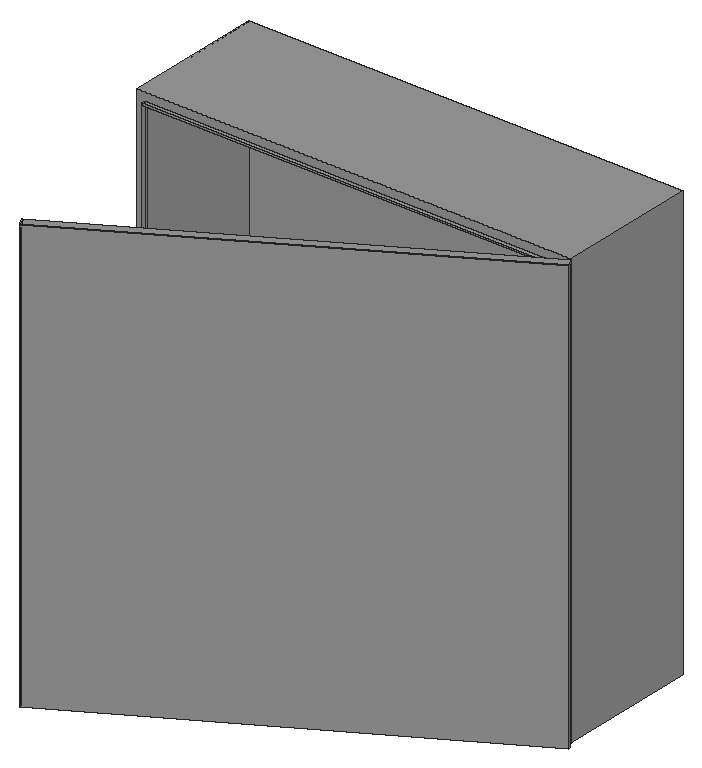
Revit family "Hager-Univers-IP55-D275-H800-Cl.II-Steel_encl-NoHosted-BE-en", category Equipement électrique, Revit 2020
Family settings
  Configuration du panneau = Deux colonnes, circuits au sein
  Cote de connecteur circulaire = Utiliser le diamètre
  Type d'élément = Tableau de raccordement
  Basée sur le plan de construction = Oui
  Toujours verticalement = Oui
  Couper avec des vides une fois chargée = Non
  Partagée = Non
  Point de calcul de pièce = Non
Parameters (values of type "Surface mounted (plaster) IP55 W800 H800 D275  - FR53S")
  Width Control [instance] = if([EF000008 - Width] > Min Width, [EF000008 - Width], Min Width)  # 800 mm
  Commentaires du type = [HG000003 - Range]  # "Univers"
  Thickness Door [instance] = if([EF009171 - Material plate thickness door/cover] > 3 mm, 3 mm, [EF009171 - Material plate thickness door/cover])  # 1.5 mm
  Seal Frame Offset [instance] = 17 mm  # constant formula
  Plinth Visibility [instance] = [HG000027 - Plinth height] > 0 mm  # no
  Min Width [instance] = 100 mm  # constant formula
  Min Depth [instance] = (2 * [EF009170 - Material plate thickness cabinet]) + 1 mm  # 4 mm
  Min Height [instance] = 100 mm  # constant formula
  Internal Frame Depth [instance] = (Door System Depth * 0.5)  # 9 mm
  Panel Name [instance] = ""  # (empty or 0)
  Model = ""
  HG000027 - Plinth height = 0 mm
  HG000026 - Floor standing = no
  HG000024 - Bottom section height = 600 mm
  HG000023 - Double section enclosure = no
  HG000016 - Door 3d visibility [instance] = yes
  HG000015 - Clearance visibility [instance] = no
  HG000014 - Door on the right [instance] = yes
  HG000013 - Door on the left [instance] = not([HG000014 - Door on the right])  # no
  HG000012 - Door swing angle [instance] = 30.00°
  HG000010 - Asymmetric doors = no
  HG000009 - Double swing door = no
  HG000006 - Flush mounted = no
  HG000004 - Manufacturer reference = "FR53S"
  HG000003 - Range = "Univers"
  HG000002 - With door or cover = yes
  Frame Offset Bottom [instance] = 10 mm  # constant formula
  Frame Offset [instance] = 15 mm  # constant formula
  EF015940 - Cover with overpressure release = no
  EF011959 - Degree of protection (NEMA) = ""
  EF009554 - Number of openings for flange plates = 6
  EF009212 - Cover model = "EV000116 - Closed"
  EF009171 - Material plate thickness door/cover = 1.5 mm
  EF009170 - Material plate thickness cabinet = 1.5 mm
  EF008873 - Nominal current (In) = 800 A
  EF007800 - Suitable for lightning protection = no
  EF006306 - With lock = no
  EF006244 - Transparent cover/door = no
  EF005474 - Degree of protection (IP) = "EV006420 - IP55"
  EF004464 - Type of door = "EV002646 - Single"
  EF004427 - Number of modules = 180
  EF004293 - Impact strength = "EV008784 - IK10"
  EF003532 - Suitable for outdoor use = no
  EF002950 - Width in number of modular spacings = 24
  EF001613 - Circuit integrity = "EV000494 - None"
  EF001596 - Material housing = "EV000179 - Steel"
  EF001131 - Internal depth = 275 mm
  EF001088 - Extension possible = yes
  EF000437 - Number of conduit inlets = 6
  EF000339 - Type of cover = "EV004216 - Door"
  EF000266 - Number of rows = 5
  EF000218 - Built-in depth = 0 mm
  EF000118 - With mounting plate = no
  EF000116 - RAL-number = "7035"
  EF000049 - Depth = 275 mm
  EF000040 - Height = 800 mm
  EF000008 - Width = 800 mm
  EF000007 - Colour = "EV000270 - Grey"
  EF000003 - Mounting method = "EV000384 - Surface mounted (plaster)"
  Door System Leaf Tolerance [instance] = 1.5 mm  # constant formula
  Door System Depth [instance] = 18 mm  # constant formula
  Door Height [instance] = Height Control - [HG000027 - Plinth height]  # 800 mm
  Description = ""
  Default Elevation = 1219.2 mm
  Connector Offset [instance] = Height Control / 2  # 400 mm
  Fabricant = "Hager"  # constant formula
  Height Control [instance] = if([EF000040 - Height] > Min Height, [EF000040 - Height], Min Height)  # 800 mm
  Depth Control [instance] = if([EF000049 - Depth] > Min Depth, [EF000049 - Depth], Min Depth)  # 275 mm
  Bottom Top Plate Trim [instance] = 1.5 mm  # constant formula
  Plinth height Ctrl [instance] = if([HG000027 - Plinth height] > 0 mm, [HG000027 - Plinth height], 12 mm)  # 12 mm
Types (5, lengths in mm): name | Width Control | HG000010 - Asymmetric doors | HG000009 - Double swing door | HG000004 - Manufacturer reference | EF009554 - Number of openings for flange plates | EF004464 - Type of door | EF004427 - Number of modules | EF000437 - Number of conduit inlets | EF000008 - Width
  Surface mounted (plaster) IP55 W1050 H800 D275  - FR54S | 1050 | no | yes | "FR54S" | 8 | "EV003602 - Double" | 240 | 8 | 1050
  Surface mounted (plaster) IP55 W1300 H800 D275  - FR55S | 1300 | yes | yes | "FR55S" | 10 | "EV003602 - Double" | 300 | 10 | 1300
  Surface mounted (plaster) IP55 W300 H800 D275  - FR51S | 300 | no | no | "FR51S" | 2 | "EV002646 - Single" | 60 | 2 | 300
  Surface mounted (plaster) IP55 W550 H800 D275  - FR52S | 550 | no | no | "FR52S" | 4 | "EV002646 - Single" | 120 | 4 | 550
  Surface mounted (plaster) IP55 W800 H800 D275  - FR53S | 800 | no | no | "FR53S" | 6 | "EV002646 - Single" | 180 | 6 | 800
Reference planes
  plane 1 "Center (Front/Back)": y = 0
  plane 2: z = 0
  plane 3 "Center (Left/Right)": x = 0
  plane 4: y = 0
  plane 5: y = 0
  plane 6: z = 0
  plane 7: x = -400
  plane 8: x = 400
  plane 9: x = 398.5
  plane 10: x = -398.5
  plane 11: z = 0
  plane 12: z = 1.5
  plane 13: y = -275
  plane 14: y = -1.5
  plane 15: x = 0
  plane 16: y = -257
  plane 17: y = -273.5
  plane 18: y = -255.5
  plane 19: x = -383.5
  plane 20: x = 383.5
  plane 21: z = 11.5
  plane 22: x = -383
  plane 23: x = 383
  plane 24: z = 0
  plane 25: z = 800
  plane 26: z = 800
  plane 27: z = 783.5
  plane 28: z = 798.5
Forms (mm)
  Extrusion 1, solid, material "Hager_Steel_RAL7035_Light_Grey", detail levels medium+fine
    sketch origin (-208.679, -4572, 0) x (-1, 0, 0) y (0, -1, 0)
      loop
        line (191.321, -4315) -> (-608.679, -4315) -> (-608.679, -4572) -> (191.321, -4572) -> (191.321, -4315)
    from 0 to 800
  Extrusion 2, void
    sketch origin (-350.771, -275, 1219.2) x (1, 0, 0) y (0, 0, 1)
      loop
        line (-47.729, -420.7) -> (-47.729, -1217.7) -> (749.271, -1217.7) -> (749.271, -420.7) -> (-47.729, -420.7)
    from -19.5 to -273.5
  Extrusion 3, void
    sketch origin (-290.084, -257, 1219.2) x (1, 0, 0) y (0, 0, 1)
      loop
        line (-93.416, -1207.7) -> (673.584, -1207.7) -> (673.584, -435.7) -> (-93.416, -435.7) -> (-93.416, -1207.7)
    from 0 to -1.5
  Extrusion 4, solid, material "Hager_Steel_RAL7035_Light_Grey", visible <- "Plinth Visibility", detail levels medium+fine
    sketch origin (0, 0, 0) x (1, 0, 0) y (0, 1, 0)
      loop
        line (-400, 0) -> (-400, -257) -> (400, -257) -> (400, 0) -> (-400, 0)
    from 0 to 12 <- "Plinth height Ctrl"
  Extrusion 5, solid, material "Hager_Steel_RAL7035_Light_Grey", detail levels coarse
    sketch origin (0, 0, 0) x (1, 0, 0) y (0, 1, 0)
      loop
        line (-400, 0) -> (-400, -275) -> (400, -275) -> (400, 0) -> (-400, 0)
    from 0 to 800 <- "Height Control"
  Sweep 6, void
    path in 3D
      loop
        line (-400, -257, 12) -> (400, -257, 12) -> (400, 0, 12) -> (-400, 0, 12) -> (-400, -257, 12)
    profile origin (-400, -128.5, 12) x (1, 0, 0) y (0, 0, 1)
      loop
        line (0, 0) -> (0, -1.5) -> (1.5, -1.5)
        arc (1.5, -1.5) -> (1.061, -0.439) -> (0, 0) r 1.5
  Extrusion 7, solid, material "Hager_Steel_RAL7035_Light_Grey", detail levels fine
    sketch origin (-400, -257, 0) x (1, 0, 0) y (0, 0, 1)
      loop
        line (16.5, 11.5) -> (783.5, 11.5) -> (783.5, 783.5) -> (16.5, 783.5) -> (16.5, 11.5)
      loop
        line (15, 10) -> (785, 10) -> (785, 785) -> (15, 785) -> (15, 10)
    from 0 to 9 <- "Internal Frame Depth"
Cuts and joins
  Extrusion 2, Extrusion 3 cuts Extrusion 1
  Sweep 6 cuts Extrusion 4
Lines and regions (mm)
  Masking region 1
    outline origin (0, 0, 0) x (1, 0, 0) y (0, 1, 0)
      loop
        line (-400, 0) -> (-400, -275) -> (400, -275) -> (400, 0) -> (-400, 0)
  Masking region 2, detail levels coarse
    outline origin (-290.084, -257, 1219.2) x (-1, 0, 0) y (0, 0, 1)
      loop
        line (-690.084, -1219.2) -> (109.916, -1219.2) -> (109.916, -419.2) -> (-690.084, -419.2) -> (-690.084, -1219.2)
  Masking region 3, detail levels coarse
    outline origin (0, 0, 0) x (0, 1, 0) y (0, 0, 1)
      loop
        line (0, 0) -> (0, 800) -> (-275, 800) -> (-275, 0) -> (0, 0)
  Masking region 4, visible <- "Plinth Visibility", detail levels medium+fine
    outline origin (0, 0, 0) x (0, 1, 0) y (0, 0, 1)
      loop
        line (-1.5, 12) -> (-255.5, 12)
        arc (-255.5, 12) -> (-255.939, 10.939) -> (-257, 10.5) r 1.5
        line (-257, 10.5) -> (-257, 0) -> (0, 0) -> (0, 10.5)
        arc (0, 10.5) -> (-1.061, 10.939) -> (-1.5, 12) r 1.5
  Masking region 5, detail levels medium+fine
    outline origin (0, 0, 594.038) x (0, 1, 0) y (0, 0, 1)
      loop
        line (0, -594.038) -> (0, 205.962) -> (-257, 205.962) -> (-257, -594.038) -> (0, -594.038)
  Masking region 6, detail levels medium+fine
    outline origin (-359.7, -257, 1211.883) x (-1, 0, 0) y (0, 0, 1)
      loop
        line (-759.7, -1211.883) -> (40.3, -1211.883) -> (40.3, -411.883) -> (-759.7, -411.883) -> (-759.7, -1211.883)
  Masking region 7, visible <- "Plinth Visibility", detail levels medium+fine
    outline origin (-320.334, -257, 1041.368) x (-1, 0, 0) y (0, 0, 1)
      loop
        line (-720.334, -1041.368) -> (79.666, -1041.368) -> (79.666, -1030.868)
        arc (79.666, -1030.868) -> (78.606, -1030.429) -> (78.166, -1029.368) r 1.5
        line (78.166, -1029.368) -> (-718.834, -1029.368)
        arc (-718.834, -1029.368) -> (-719.273, -1030.429) -> (-720.334, -1030.868) r 1.5
        line (-720.334, -1030.868) -> (-720.334, -1041.368)
  sketch lines
    curve 1: line (-400, 0, 12) -> (-400, -257, 12)
    curve 2: line (-400, -257, 12) -> (400, -257, 12)
    curve 3: line (400, 0, 12) -> (-400, 0, 12)
    curve 4: line (400, -257, 12) -> (400, 0, 12)
Dimensions and locks
  locked: plane 1 "Center (Front/Back)" to plane 5
  "EF009170 - Material plate thickness cabinet": plane 7 to plane 10
  "EF009170 - Material plate thickness cabinet": plane 8 to plane 9
  equal spacing: plane 7, plane 3 "Center (Left/Right)", plane 8
  "Width Control": plane 7 to plane 8
  "Depth Control": plane 4 to plane 13
  "EF009170 - Material plate thickness cabinet": plane 4 to plane 14
  "Height Control": plane 25 to level
  "HG000027 - Plinth height": plane 11 to level
  "EF009170 - Material plate thickness cabinet": plane 12 to plane 11
  "EF009170 - Material plate thickness cabinet": plane 17 to plane 13
  "EF009170 - Material plate thickness cabinet": plane 18 to plane 16
  "Frame Offset Bottom": plane 21 to plane 12
  "Frame Offset": plane 10 to plane 19
  "Frame Offset": plane 9 to plane 20
  "Door System Depth": plane 16 to plane 13
  "Seal Frame Offset": plane 7 to plane 22
  "Seal Frame Offset": plane 8 to plane 23
  "EF009170 - Material plate thickness cabinet": plane 26 to plane 28
  "Frame Offset": plane 28 to plane 27
  "Connector Offset": plane 2 to connector elem
  "Bottom Top Plate Trim": profile plane to Sweep 6 sketch curve
  "Bottom Top Plate Trim": Sweep 6 sketch curve to Sweep 6 sketch curve
  "Plinth height Ctrl": Masking region 4 sketch curve to level
  "Plinth height Ctrl": Masking region 7 sketch curve to level
  "Thickness Door": Extrusion 7 sketch curve to Extrusion 7 sketch curve  (x4)
  "Bottom Top Plate Trim": radius of Sweep 6 sketch curve
  "Bottom Top Plate Trim": radius of Masking region 4 sketch curve  (x2)
  "Bottom Top Plate Trim": radius of Masking region 7 sketch curve  (x2)
  aligned and locked: Extrusion 2 sketch curve to plane 12
  aligned and locked: Extrusion 2 sketch curve to plane 9
  aligned and locked: Extrusion 2 sketch curve to plane 10
  aligned and locked: Extrusion 2 to plane 14
  aligned and locked: Extrusion 1 sketch curve to plane 4
  aligned and locked: plane 8 to Extrusion 1 sketch curve
  aligned and locked: plane 7 to Extrusion 1 sketch curve
  aligned and locked: Extrusion 2 to plane 18
  aligned and locked: Extrusion 3 sketch curve to plane 19
  aligned and locked: plane 20 to Extrusion 3 sketch curve
  aligned and locked: Extrusion 3 to Extrusion 2
  aligned and locked: Extrusion 3 sketch curve to plane 21
  aligned and locked: plane 3 "Center (Left/Right)" to nested 1
  aligned and locked: Extrusion 1 sketch curve to plane 16
  aligned and locked: Extrusion 4 sketch curve to cut or joined group of Extrusion 1, Extrusion 2, Extrusion 3
  aligned and locked: Masking region 1 sketch curve to plane 7
  aligned and locked: Masking region 1 sketch curve to plane 5
  aligned and locked: Masking region 1 sketch curve to plane 8
  aligned and locked: Masking region 2 sketch curve to level
  aligned and locked: level to Masking region 3 sketch curve
  aligned and locked: plane 1 "Center (Front/Back)" to Masking region 3 sketch curve
  aligned and locked: plane 13 to Masking region 3 sketch curve
  aligned and locked: plane 5 to Masking region 4 sketch curve
  aligned and locked: Masking region 2 sketch curve to plane 8
  aligned and locked: Masking region 2 sketch curve to plane 7
  aligned and locked: plane 7 to nested 2
  aligned and locked: nested 2 to plane 5
  aligned and locked: plane 5 to Masking region 5 sketch curve
  aligned and locked: plane 26 to Masking region 5 sketch curve
  aligned and locked: Extrusion 5 sketch curve to plane 8
  aligned and locked: Extrusion 5 sketch curve to plane 7
  aligned and locked: Extrusion 5 sketch curve to plane 5
  aligned and locked: Extrusion 3 sketch curve to plane 27
  aligned and locked: Extrusion 2 sketch curve to plane 28
  aligned and locked: Masking region 2 to plane 25
  aligned and locked: Extrusion 4 to plane 16
  aligned and locked: profile plane to Sweep 6 sketch curve
  aligned and locked: Masking region 5 sketch curve to plane 24
  aligned and locked: level to Masking region 4 sketch curve
  aligned and locked: Masking region 1 to plane 13
  aligned and locked: nested 1 to plane 16
  aligned and locked: Masking region 3 to plane 25
  aligned and locked: plane 16 to Masking region 4 sketch curve
  aligned and locked: Masking region 5 sketch curve to plane 16
  aligned and locked: plane 24 to plane 11
  aligned and locked: plane 26 to plane 25
  aligned and locked: plane 26 to cut or joined group of Extrusion 1, Extrusion 2, Extrusion 3
  aligned and locked: nested 1 to plane 24
  aligned and locked: Extrusion 1 to Extrusion 3
  aligned and locked: Masking region 6 sketch curve to plane 8
  aligned and locked: Masking region 6 sketch curve to plane 24
  aligned and locked: Masking region 6 sketch curve to plane 7
  aligned and locked: Masking region 6 sketch curve to plane 26
  aligned and locked: Masking region 7 sketch curve to plane 7
  aligned and locked: level to Masking region 7 sketch curve
  aligned and locked: Masking region 7 sketch curve to plane 8
  aligned and locked: Extrusion 7 sketch curve to cut or joined group of Extrusion 1, Extrusion 2, Extrusion 3  (x4)
Automatic sketch dimensions
  plane 19 to Extrusion 3 sketch curve = 0 mm
  Extrusion 3 sketch curve to plane 20 = 0 mm
  Extrusion 3 sketch curve to plane 21 = 0 mm
  Extrusion 4 sketch curve to plane 7 = 0 mm
  Extrusion 4 sketch curve to plane 8 = 0 mm
  Extrusion 4 sketch curve to plane 16 = 0 mm
  Masking region 1 sketch curve to plane 13 = 0 mm
  Masking region 2 sketch curve to plane 25 = 0 mm
  Masking region 3 sketch curve to plane 25 = 0 mm
  Extrusion 5 sketch curve to plane 13 = 0 mm
  profile plane to Sweep 6 sketch curve = 0 mm
Nested families
  nested 1: "EC000058_Univers_Door" at (0, -257, 0), Double <- "HG000009 - Double swing door", Transparent <- "EF006244 - Transparent cover/door", Angle <- "HG000012 - Door swing angle", Door_Right <- "HG000014 - Door on the right", Assymetrical <- "HG000010 - Asymmetric doors", Door <- "HG000002 - With door or cover", Width_Ctrl <- "Width Control", 3d_Door <- "HG000016 - Door 3d visibility", Clearance <- "HG000015 - Clearance visibility", Door_Left <- "HG000013 - Door on the left", Width <- "Width Control", Door_Depth <- "Door System Depth", Leaf_Tolerance <- "Door System Leaf Tolerance", Height <- "Door Height", Lock_Visibility <- "EF006306 - With lock", Thickness <- "Thickness Door", type "EC000058_Univers_Door", detail levels medium+fine
    with min_wh 4 mm, Width_Ctrl 800 mm, Width 800 mm, Transparent no, Thickness 1.5 mm, Seal_Material Hager_Rubber, Lock_Visibility no, Lock_Material Hager_Plastic_RAL9005_Jet_Black, Leaf_Width 800 mm, Leaf_Tolerance_External_Sides 0 mm, Leaf_Tolerance 1.5 mm, Leaf_Offset 0 mm, Leaf_Height 797 mm, Leaf_2_Width 800 mm, Leaf_2_Offset 400 mm, Leaf_1_Width 800 mm, Leaf_1_Offset 400 mm, Height_Ctrl 800 mm, Height 800 mm, Glass_Material Hager_Glass, Double_Clearance_Ctrl no, Double no, Door_Right_Ctrl yes, Door_Right yes, Door_Material Hager_Steel_RAL7035_Light_Grey, Door_Left_Ctrl no, Door_Left no, Door_Depth 18 mm, Door yes, Clearance_Material Hager_Clearance, Clearance_Depth 800 mm, Clearance_Ctrl no, Clearance no, Assymetrical no, Angle 30.00°, 3d_Door yes
  nested 2: "Hager_Enclosure_Symbol" at (-400, 0, 0), Height <- "Depth Control", Width <- "Width Control", type "Hager_Enclosure_Symbol"
    with Width_Ctrl 800 mm, Width 800 mm, Height_Ctrl 275 mm, Height 275 mm, A_Width_Int 18.047 mm, A_Width 216.562 mm, A_Height_Ctrl 240.625 mm, A_Height 240.625 mm
Connectors
  electrical at (0, 0, 400)
    settings: on plane 1 "Center (Front/Back)", index 1, voltage 0 V, apparent load 0 VA, apparent load phase1 0 VA, apparent load phase2 0 VA, apparent load phase3 0 VA, power factor 1, load classification "Other", number of poles 1, system type 30, power factor state 1, is connector primary yes, connector utility no, sub classification motor no, connector description ""
Definition of nested family "EC000058_Univers_Door"
  Parameters (values of type "EC000058_Univers_Door")
    min_wh [instance] = (2 * Thickness) + 1 mm  # 11 mm
    Width_Ctrl [instance] = 400 mm
    Width [instance] = 500 mm
    Transparent [instance] = yes
    Thickness [instance] = 5 mm
    Seal_Material [instance] = none
    Lock_Visibility [instance] = yes
    Lock_Material [instance] = none
    Leaf_Width [instance] = if((Width_Ctrl - 2 * Leaf_Tolerance_External_Sides) > 0 mm, (Width_Ctrl - 2 * Leaf_Tolerance_External_Sides), min_wh)  # 400 mm
    Leaf_Tolerance_External_Sides [instance] = 0 mm  # constant formula
    Leaf_Tolerance [instance] = 1.5 mm
    Leaf_Offset [instance] = 0 mm  # constant formula
    Leaf_Height [instance] = if((Height_Ctrl - 2 * Leaf_Tolerance) > 0 mm, (Height_Ctrl - 2 * Leaf_Tolerance), min_wh)  # 497 mm
    Leaf_2_Width [instance] = if(and(and(Double, Assymetrical), Door_Left), (Leaf_Width / 3) - (Leaf_Tolerance / 2), if(and(and(Double, Assymetrical), Door_Right), (Leaf_Width / 3) * 2 - (Leaf_Tolerance / 2), if(and(Double, not(Assymetrical)), (Leaf_Width / 2) - Leaf_Tolerance, Leaf_Width)))  # 400 mm
    Leaf_2_Offset [instance] = if(and(Double, Assymetrical), Leaf_2_Width / 2, if(and(Double, not(Assymetrical)), Leaf_Width / 4, Leaf_Width / 2))  # 200 mm
    Leaf_1_Width [instance] = if(and(and(Double, Assymetrical), Door_Right), (Leaf_Width / 3) - (Leaf_Tolerance / 2), if(and(and(Double, Assymetrical), Door_Left), (Width / 3) * 2 - (Leaf_Tolerance / 2), if(and(Double, not(Assymetrical)), (Leaf_Width / 2) - Leaf_Tolerance, Leaf_Width)))  # 400 mm
    Leaf_1_Offset [instance] = if(and(Double, Assymetrical), Leaf_1_Width / 2, if(and(Double, not(Assymetrical)), Leaf_Width / 4, Leaf_Width / 2))  # 200 mm
    Height_Ctrl [instance] = if(Height > min_wh, Height, min_wh)  # 500 mm
    Height [instance] = 500 mm
    Glass_Material [instance] = none
    Double_Clearance_Ctrl [instance] = and(Double, Clearance)  # no
    Double [instance] = no
    Door_Right_Ctrl [instance] = and(or(Door_Right, Double), Door)  # yes
    Door_Right [instance] = yes
    Door_Material [instance] = none
    Door_Left_Ctrl [instance] = and(or(Door_Left, Double), Door)  # no
    Door_Left [instance] = no
    Door_Depth [instance] = 30 mm
    Door [instance] = yes
    Default Elevation = 1219.2 mm
    Clearance_Material [instance] = none
    Clearance_Depth [instance] = if(Leaf_1_Width > Leaf_2_Width, Leaf_1_Width, Leaf_2_Width)  # 400 mm
    Clearance_Ctrl [instance] = and(not(Double), Clearance)  # yes
    Clearance [instance] = yes
    Assymetrical [instance] = yes
    Angle [instance] = 30.00°
    3d_Door [instance] = yes
  Reference planes
    plane 1 "Center (Front/Back)": y = 0
    plane 2 "Bottom": z = 0
    plane 3 "Center (Left/Right)": x = 0
    plane 4: z = 500
    plane 5: x = -200
    plane 6: x = 200
    plane 7: z = 500
    plane 8: x = -200
    plane 9: z = 0
    plane 10: x = 200
    plane 11: y = 0
    plane 12: z = 1.5
    plane 13: x = -600
    plane 14: y = -400
    plane 15: x = 600
    plane 16: x = 0
    plane 17: x = 0
    plane 18: x = -200
    plane 19: x = 200
    plane 20: z = 498.5
  Forms (mm)
    Extrusion 1, solid, material <- "Clearance_Material", visible <- "Double_Clearance_Ctrl"
      sketch origin (1200, 0, 0) x (1, 0, 0) y (0, 0, -1)
        loop
          line (-1800, -498.5) -> (-600, -498.5) -> (-600, 0) -> (-1800, 0) -> (-1800, -498.5)
      from 0 to -400
  Dimensions and locks
    equal spacing: plane 5, plane 3 "Center (Left/Right)", plane 6
    "Width_Ctrl": plane 5 to plane 6
    "Leaf_Offset": plane 5 to plane 8
    "Leaf_Offset": plane 6 to plane 10
    "Leaf_Offset": plane 9 to level
    "Leaf_Offset": plane 4 to plane 7
    "Height_Ctrl": plane 4 to level
    "Leaf_Tolerance": plane 12 to plane 9
    locked: plane 11 to plane 1 "Center (Front/Back)"
    "Leaf_1_Offset": plane 18 to plane 16
    "Leaf_2_Offset": plane 17 to plane 19
    "Leaf_1_Width": plane 13 to plane 8
    "Leaf_2_Width": plane 10 to plane 15
    "Clearance_Depth": plane 14 to plane 1 "Center (Front/Back)"
    "Leaf_Tolerance_External_Sides": plane 8 to plane 18
    "Leaf_Tolerance_External_Sides": plane 19 to plane 10
    "Leaf_Tolerance": plane 7 to plane 20
    aligned and locked: level to plane 2 "Bottom"
    aligned and locked: nested 1 to plane 16
    aligned and locked: nested 2 to plane 17
    aligned and locked: Extrusion 1 to plane 13
    aligned and locked: plane 15 to Extrusion 1
    aligned and locked: Extrusion 1 to plane 14
    aligned and locked: plane 12 to nested 1
    aligned and locked: nested 2 to plane 12
    aligned and locked: Extrusion 1 to plane 11
    aligned and locked: plane 20 to Extrusion 1
    aligned and locked: nested 2 to plane 11
    aligned and locked: nested 1 to plane 11
  Automatic sketch dimensions
    Extrusion 1 sketch curve to level = 0 mm
    plane 5 to Extrusion 1 sketch curve = 400 mm
    plane 6 to Extrusion 1 sketch curve = 400 mm
    Extrusion 1 sketch curve to plane 4 = 1.5 mm
  Nested families
    nested 1: "EC000058_Univers_Door_Leaf" at (0, 0, 1.5), Width <- "Leaf_1_Width", visible <- "Door_Left_Ctrl", Leaf_Height <- "Leaf_Height", Angle <- "Angle", 3d_Door <- "3d_Door", Transparent <- "Transparent", Clearance Material <- "Clearance_Material", Clearance <- "Clearance_Ctrl", Door_Material <- "Door_Material", Glass_Material <- "Glass_Material", Door_Depth <- "Door_Depth", Lock_Material <- "Lock_Material", Seal_Material <- "Seal_Material", Lock_Visibility <- "Lock_Visibility", Thickness <- "Thickness", type "EC000058_Univers_Door_Leaf"
      with Width 400 mm, Transparent_Glass_Offset 30 mm, Transparent_Ctrl yes, Transparent yes, Thickness 5 mm, Standard no, Seal_Material none, Seal_D2 8 mm, Seal_D1 1 mm, Offset_Internal_Frame 10 mm, Lock_Width 20 mm, Lock_Visibility_3d yes, Lock_Visibility yes, Lock_Thickness_3 3 mm, Lock_Thickness_2 1 mm, Lock_Thickness_1 3 mm, Lock_Radius_Offset_2 16 mm, Lock_Radius_Offset_1 15 mm, Lock_Radius_2 5 mm, Lock_Radius 6 mm, Lock_Offset 5 mm, Lock_Material none, Lock_Height 80 mm, Lock_Cover_Top_Offset_2d 17 mm, Lock_Cover_Height -65 mm, Leaf_Height 497 mm, Internal_Seal_Thickness 8 mm, Internal_Seal_Depth_2 4.5 mm, Internal_Frame_Depth 25 mm, Glass_Thickness -1 mm, Glass_Offset -2 mm, Glass_Material none, Door_Material none, Door_Depth 30 mm, Clearance Material none, Clearance yes, Angle_Ctrl 30.00°, Angle 30.00°, 3d_Door yes
    nested 2: "EC000058_Univers_Door_Leaf" at (0, 0, 1.5) x (-1, 0, 0) z (0, 0, 1), Width <- "Leaf_2_Width", visible <- "Door_Right_Ctrl", Leaf_Height <- "Leaf_Height", Angle <- "Angle", 3d_Door <- "3d_Door", Transparent <- "Transparent", Clearance Material <- "Clearance_Material", Clearance <- "Clearance_Ctrl", Door_Material <- "Door_Material", Glass_Material <- "Glass_Material", Door_Depth <- "Door_Depth", Lock_Material <- "Lock_Material", Seal_Material <- "Seal_Material", Lock_Visibility <- "Lock_Visibility", Thickness <- "Thickness", type "EC000058_Univers_Door_Leaf"
      with Width 400 mm, Transparent_Glass_Offset 30 mm, Transparent_Ctrl yes, Transparent yes, Thickness 5 mm, Standard no, Seal_Material none, Seal_D2 8 mm, Seal_D1 1 mm, Offset_Internal_Frame 10 mm, Lock_Width 20 mm, Lock_Visibility_3d yes, Lock_Visibility yes, Lock_Thickness_3 3 mm, Lock_Thickness_2 1 mm, Lock_Thickness_1 3 mm, Lock_Radius_Offset_2 16 mm, Lock_Radius_Offset_1 15 mm, Lock_Radius_2 5 mm, Lock_Radius 6 mm, Lock_Offset 5 mm, Lock_Material none, Lock_Height 80 mm, Lock_Cover_Top_Offset_2d 17 mm, Lock_Cover_Height -65 mm, Leaf_Height 497 mm, Internal_Seal_Thickness 8 mm, Internal_Seal_Depth_2 4.5 mm, Internal_Frame_Depth 25 mm, Glass_Thickness -1 mm, Glass_Offset -2 mm, Glass_Material none, Door_Material none, Door_Depth 30 mm, Clearance Material none, Clearance yes, Angle_Ctrl 30.00°, Angle 30.00°, 3d_Door yes
  Definition of nested family "EC000058_Univers_Door_Leaf"
    Parameters (values of type "EC000058_Univers_Door_Leaf")
      Width [instance] = 2000 mm
      Transparent_Glass_Offset [instance] = 30 mm
      Transparent_Ctrl [instance] = and(Transparent, [3d_Door])  # yes
      Transparent [instance] = yes
      Thickness [instance] = 5 mm
      Standard [instance] = and(not(Transparent), [3d_Door])  # no
      Seal_Material [instance] = none
      Seal_D2 [instance] = 8 mm  # constant formula
      Seal_D1 [instance] = 1 mm  # constant formula
      Offset_Internal_Frame [instance] = 10 mm  # constant formula
      Lock_Width [instance] = 20 mm  # constant formula
      Lock_Visibility_3d [instance] = and(Lock_Visibility, [3d_Door])  # yes
      Lock_Visibility [instance] = yes
      Lock_Thickness_3 [instance] = 3 mm  # constant formula
      Lock_Thickness_2 [instance] = 1 mm  # constant formula
      Lock_Thickness_1 [instance] = 3 mm  # constant formula
      Lock_Radius_Offset_2 [instance] = Lock_Radius_Offset_1 + 1 mm  # 16 mm
      Lock_Radius_Offset_1 [instance] = 15 mm  # constant formula
      Lock_Radius_2 [instance] = Lock_Radius - 1 mm  # 5 mm
      Lock_Radius [instance] = 6 mm  # constant formula
      Lock_Offset [instance] = 5 mm  # constant formula
      Lock_Material [instance] = none
      Lock_Height [instance] = 80 mm  # constant formula
      Lock_Cover_Top_Offset_2d [instance] = Lock_Radius_Offset_2 + 1 mm  # 17 mm
      Lock_Cover_Height [instance] = -(Lock_Height - Lock_Radius_Offset_1)  # -65 mm
      Leaf_Height [instance] = 2720.336 mm
      Internal_Seal_Thickness [instance] = 8 mm  # constant formula
      Internal_Seal_Depth_2 [instance] = 4.5 mm  # constant formula
      Internal_Frame_Depth [instance] = if(Door_Depth - Thickness > 5 mm, Door_Depth - Thickness, 5 mm)  # 25 mm
      Glass_Thickness [instance] = if(Thickness > 15 mm, Glass_Offset + 10 mm, -1 mm)  # -1 mm
      Glass_Offset [instance] = if(Thickness > 15 mm, -(Thickness + 10 mm) / 2, -2 mm)  # -2 mm
      Glass_Material [instance] = none
      Door_Material [instance] = none
      Door_Depth [instance] = 30 mm
      Default Elevation = 0 mm
      Clearance Material [instance] = none
      Clearance [instance] = yes
      Angle_Ctrl [instance] = if(Angle > 180.00°, 180.00°, Angle)  # 90.00°
      Angle [instance] = 90.00°
      3d_Door [instance] = yes
    Reference planes
      plane 1 "Center (Front/Back)": y = 0
      plane 2: z = 0
      plane 3 "Center (Left/Right)": x = 0
      plane 4: y = 2000
      plane 5: x = -1000
      plane 6: x = 1000
      plane 7: x = -3000
      plane 8: z = 2720.336
      plane 9: z = 30
      plane 10: z = 2690.336
      plane 11: x = 970
      plane 12: x = -970
      plane 13: y = -3
      plane 14: z = 107.833
      plane 15: y = -5
      plane 16: y = -223.314
      plane 17: x = -1000
      plane 18: z = 1360.168
      plane 19: y = 30
    Forms (mm)
      Extrusion 1, solid, material <- "Clearance Material", visible <- "Clearance"
        sketch origin (0, 0, 0) x (1, 0, 0) y (0, 0, 1)
          loop
            line (-3000, 2720.336) -> (-3000, 0) -> (1000, 0) -> (1000, 2720.336) -> (-3000, 2720.336)
        from 0 to -2000
      Extrusion 2, solid, material <- "Door_Material", visible <- "Standard", detail levels medium+fine
        sketch origin (-1000, 0, 0) x (0, 1, 0) y (-1, 0, 0)
          loop
            line (0, 30) -> (0, 25) -> (2000, 25) -> (2000, 30) -> (0, 30)
        from 0 to 2720.336 <- "Leaf_Height"
      Extrusion 3, solid, material <- "Door_Material", visible <- "Transparent_Ctrl", detail levels medium+fine
        sketch origin (-1000, 0, 0) x (0, 1, 0) y (-1, 0, 0)
          loop
            line (0, 25) -> (2000, 25) -> (2000, 30) -> (0, 30) -> (0, 25)
        from 0 to 2720.336 <- "Leaf_Height"
      Extrusion 4, void
        sketch origin (-1025, 2000, 0) x (0, 1, 0) y (0, 0, -1)
          loop
            line (-30, -2690.336) -> (-30, -30) -> (-1970, -30) -> (-1970, -2690.336) -> (-30, -2690.336)
        from 0 to 5 <- "Thickness"
      Sweep 5, solid, material <- "Seal_Material", visible <- "Transparent_Ctrl", detail levels fine
        path in 3D
          loop
            line (-1025, 30, 30) -> (-1025, 30, 2690.336) -> (-1025, 1970, 2690.336) -> (-1025, 1970, 30) -> (-1025, 30, 30)
        profile origin (-1025, 1000, 30) x (1, 0, 0) y (0, 0, 1)
          loop
            line (0, 0) -> (0, -8) -> (1, -8) -> (1, 0) -> (0, 0)
      Extrusion 6, solid, material <- "Glass_Material", visible <- "Transparent_Ctrl", detail levels medium+fine
        sketch origin (-1030, 0, 0) x (0, 1, 0) y (0, 0, -1)
          loop
            line (1970, -2690.336) -> (1970, -30) -> (30, -30) -> (30, -2690.336) -> (1970, -2690.336)
        from -2 <- "Glass_Offset" to -1 <- "Glass_Thickness"
      Extrusion 7, solid, material <- "Door_Material", visible <- "3d_Door", detail levels medium+fine
        sketch origin (-1025, 2000, 0) x (0, -1, 0) y (0, 0, -1)
          loop
            line (0, -2720.336) -> (2000, -2720.336) -> (2000, 0) -> (0, 0) -> (0, -2720.336)
          loop
            line (1995, -5) -> (5, -5) -> (5, -2715.336) -> (1995, -2715.336) -> (1995, -5)
        from 0 to 25 <- "Internal_Frame_Depth"
      Sweep 8, solid, material <- "Seal_Material", visible <- "Transparent_Ctrl", detail levels fine
        path in 3D
          loop
            line (-1025, 0, 0) -> (-1025, 2000, 0) -> (-1025, 2000, 2720.336) -> (-1025, 0, 2720.336) -> (-1025, 0, 0)
        profile origin (-1025, 0, 1360.168) x (1, 0, 0) y (0, 1, 0)
          loop
            line (0, 10) -> (2.975, 10)
            arc (2.975, 10) -> (4.053, 10.447) -> (4.5, 11.525) r 1.525
            line (4.5, 11.525) -> (4.5, 16.527)
            arc (4.5, 16.527) -> (4.069, 17.569) -> (3.027, 18) r 1.473
            line (3.027, 18) -> (0, 18) -> (0, 10)
      Extrusion 9, solid, material <- "Lock_Material", visible <- "Lock_Visibility_3d", detail levels fine
        sketch origin (-1030, 0, 0) x (0, 1, 0) y (0, 0, -1)
          loop
            arc (1993.5, -1400.168) -> (1994.561, -1399.729) -> (1995, -1398.668) r 1.5
            line (1995, -1398.668) -> (1995, -1320.168) -> (1975, -1320.168) -> (1975, -1398.668)
            arc (1975, -1398.668) -> (1975.439, -1399.729) -> (1976.5, -1400.168) r 1.5
            line (1976.5, -1400.168) -> (1993.5, -1400.168)
        from 3 <- "Lock_Thickness_1" to 0
      Blend 10, solid, material <- "Lock_Material", visible <- "Lock_Visibility_3d", detail levels fine
        base sketch origin (-1033, 0, 0) x (0, 1, 0) y (0, 0, -1)
          loop
            line (1975, -1320.168) -> (1975, -1398.668)
            arc (1975, -1398.668) -> (1975.439, -1399.729) -> (1976.5, -1400.168) r 1.5
            line (1976.5, -1400.168) -> (1993.5, -1400.168)
            arc (1993.5, -1400.168) -> (1994.561, -1399.729) -> (1995, -1398.668) r 1.5
            line (1995, -1398.668) -> (1995, -1320.168) -> (1975, -1320.168)
        top sketch origin (-1033, 0, 0) x (0, 1, 0) y (0, 0, -1)
          loop
            line (1976, -1320.168) -> (1976, -1398.668)
            arc (1976, -1398.668) -> (1976.146, -1399.022) -> (1976.5, -1399.168) r 0.5
            line (1976.5, -1399.168) -> (1993.5, -1399.168)
            arc (1993.5, -1399.168) -> (1993.854, -1399.022) -> (1994, -1398.668) r 0.5
            line (1994, -1398.668) -> (1994, -1320.168) -> (1976, -1320.168)
        from 0 to 1 <- "Lock_Thickness_2"
      Blend 11, solid, material <- "Lock_Material", visible <- "Lock_Visibility_3d", detail levels fine
        base sketch origin (-1034, 0, 0) x (0, 1, 0) y (0, 0, -1)
          loop
            line (1978, -1320.168) -> (1978, -1384.168)
            arc (1978, -1384.168) -> (1985, -1391.168) -> (1992, -1384.168) r 7
            line (1992, -1384.168) -> (1992, -1320.168) -> (1978, -1320.168)
        top sketch origin (-1034, 0, 0) x (0, 1, 0) y (0, 0, -1)
          loop
            line (1991, -1320.168) -> (1979, -1320.168) -> (1979, -1383.168)
            arc (1979, -1383.168) -> (1985, -1389.168) -> (1991, -1383.168) r 6
            line (1991, -1383.168) -> (1991, -1320.168)
        from 0 to 3 <- "Lock_Thickness_3"
      Extrusion 12, solid, material <- "Lock_Material", visible <- "Lock_Visibility_3d", detail levels fine
        sketch origin (-1030, 1975, 1320.168) x (1, 0, 0) y (0, -1, 0)
          loop
            line (-7, -19) -> (-7, -1) -> (0, -1) -> (0, 0) -> (-8, 0) -> (-8, -20) -> (0, -20) -> (0, -19) -> (-7, -19)
        from 0 to -65 <- "Lock_Cover_Height"
      Extrusion 13, void
        sketch origin (-1038, 1995, 1320.168) x (-1, 0, 0) y (0, 0, -1)
          loop
            line (-5, -65) -> (0, -65) -> (-5, -60) -> (-5, -65)
        from 0 to 20 <- "Lock_Width"
      Extrusion 14, void
        sketch origin (-1038, 1975, 1320.168) x (0, -1, 0) y (0, 0, -1)
          loop
            circle (-10, -15.995) r 6
          loop
            circle (-10, -15.995) r 5
        from 0 to 2
      Extrusion 15, solid, material <- "Lock_Material", visible <- "Lock_Visibility_3d", detail levels medium
        sketch origin (-1030, 0, 0) x (0, 1, 0) y (0, 0, -1)
          loop
            arc (1993.5, -1400.168) -> (1994.561, -1399.729) -> (1995, -1398.668) r 1.5
            line (1995, -1398.668) -> (1995, -1320.168) -> (1975, -1320.168) -> (1975, -1398.668)
            arc (1975, -1398.668) -> (1975.439, -1399.729) -> (1976.5, -1400.168) r 1.5
            line (1976.5, -1400.168) -> (1993.5, -1400.168)
        from 8 to 0
    Cuts and joins
      Extrusion 4 cuts Extrusion 3
      Extrusion 13, Extrusion 14 cuts Extrusion 9
      Extrusion 14 cuts Blend 11
      Extrusion 13, Extrusion 14 cuts Extrusion 12
      joined: Extrusion 9, Blend 10, Blend 11, Extrusion 12
      Extrusion 14 cuts Extrusion 15
    Lines and regions (mm)
      Masking region 1, visible <- "Lock_Visibility", detail levels fine
        outline origin (0, 0, 0) x (0, 1, 0) y (0, 0, 1)
          loop
            line (30, 1320.168) -> (33, 1320.168) -> (33, 1400.168) -> (30, 1400.168) -> (30, 1320.168)
      Masking region 2, visible <- "Lock_Visibility", detail levels fine
        outline origin (0, 3.143, 0) x (0, 1, 0) y (0, 0, 1)
          loop
            line (29.857, 1354.168) -> (30.857, 1354.168) -> (30.857, 1366.168) -> (29.857, 1366.168) -> (29.857, 1354.168)
      Masking region 3, detail levels medium+fine
        outline origin (0, 0, 0) x (0, 1, 0) y (0, 0, 1)
          loop
            line (0, 0) -> (30, 0) -> (30, 2720.336) -> (0, 2720.336) -> (0, 0)
      Masking region 4, detail levels medium+fine
        outline origin (0, 0, 0) x (1, 0, 0) y (0, 0, 1)
          loop
            line (-1000, 2720.336) -> (-1000, 0) -> (1000, 0) -> (1000, 2720.336) -> (-1000, 2720.336)
      Masking region 5, visible <- "Lock_Visibility", detail levels fine
        outline origin (-47.116, 0, 0) x (1, 0, 0) y (0, 0, 1)
          loop
            arc (1024.616, 1399.168) -> (1023.556, 1398.729) -> (1023.116, 1397.668) r 1.5
            line (1023.116, 1397.668) -> (1023.116, 1320.168) -> (1041.116, 1320.168) -> (1041.116, 1397.668)
            arc (1041.116, 1397.668) -> (1040.677, 1398.729) -> (1039.616, 1399.168) r 1.5
            line (1039.616, 1399.168) -> (1024.616, 1399.168)
      Masking region 6, visible <- "Lock_Visibility", detail levels medium+fine
        outline origin (-25, 0, 0) x (1, 0, 0) y (0, 0, 1)
          loop
            arc (1001.5, 1400.168) -> (1000.439, 1399.729) -> (1000, 1398.668) r 1.5
            line (1000, 1398.668) -> (1000, 1320.168) -> (1020, 1320.168) -> (1020, 1398.668)
            arc (1020, 1398.668) -> (1019.561, 1399.729) -> (1018.5, 1400.168) r 1.5
            line (1018.5, 1400.168) -> (1001.5, 1400.168)
      Masking region 7, visible <- "Lock_Visibility", detail levels fine
        outline origin (-73.735, 0, 0) x (1, 0, 0) y (0, 0, 1)
          loop
            line (1051.735, 1382.168) -> (1065.735, 1382.168) -> (1065.735, 1384.168)
            arc (1065.735, 1384.168) -> (1058.735, 1391.168) -> (1051.735, 1384.168) r 7
            line (1051.735, 1384.168) -> (1051.735, 1382.168)
      Masking region 8, visible <- "Lock_Visibility", detail levels fine
        outline origin (-73.735, 0, 0) x (1, 0, 0) y (0, 0, 1)
          loop
            line (1052.735, 1382.168) -> (1064.735, 1382.168) -> (1064.735, 1383.168)
            arc (1064.735, 1383.168) -> (1058.735, 1389.168) -> (1052.735, 1383.168) r 6
            line (1052.735, 1383.168) -> (1052.735, 1382.168)
      Masking region 9, visible <- "Lock_Visibility", detail levels fine
        outline origin (-25, 0, 0) x (1, 0, 0) y (0, 0, 1)
          loop
            line (1020, 1320.168) -> (1020, 1382.168) -> (1000, 1382.168) -> (1000, 1320.168) -> (1020, 1320.168)
      Masking region 10, detail levels medium+fine
        outline origin (0, 0, 0) x (1, 0, 0) y (0, 0, 1)
          loop
            circle (985, 1335.144) r 6
      Masking region 11, detail levels fine
        outline origin (0, 0, 0) x (1, 0, 0) y (0, 0, 1)
          loop
            circle (985, 1335.144) r 5
      Masking region 12, visible <- "Lock_Visibility", detail levels fine
        outline origin (0, 12.767, 0) x (0, 1, 0) y (0, 0, 1)
          loop
            line (20.233, 1320.168) -> (21.233, 1320.168) -> (21.233, 1399.168) -> (20.233, 1400.168) -> (20.233, 1320.168)
      Masking region 13, visible <- "Lock_Visibility", detail levels fine
        outline origin (0, 13.767, -10) x (0, 1, 0) y (0, 0, 1)
          loop
            line (20.233, 1330.168) -> (23.233, 1330.168) -> (23.233, 1399.168) -> (20.233, 1402.168) -> (20.233, 1330.168)
      Masking region 14, visible <- "Lock_Visibility", detail levels fine
        outline origin (0, 12.767, -10) x (0, 1, 0) y (0, 0, 1)
          loop
            line (20.233, 1330.168) -> (25.233, 1330.168) -> (25.233, 1399.305) -> (20.233, 1394.305) -> (20.233, 1330.168)
      Masking region 15, visible <- "Lock_Visibility", detail levels medium
        outline origin (0, 0, 0) x (0, 1, 0) y (0, 0, 1)
          loop
            line (30, 1320.168) -> (38, 1320.168) -> (38, 1400.168) -> (30, 1400.168) -> (30, 1320.168)
      Masking region 16, visible <- "Lock_Visibility", detail levels fine
        outline origin (-1000, 0, 0) x (0, 1, 0) y (-1, 0, 0)
          loop
            line (1975, 30) -> (1995, 30) -> (1995, 38) -> (1975, 38) -> (1975, 30)
          loop
            line (1979, 37) -> (1976, 37) -> (1976, 34) -> (1978, 34) -> (1979, 37)
          loop
            line (1994, 37) -> (1991, 37) -> (1992, 34) -> (1994, 34) -> (1994, 37)
      Masking region 17, visible <- "Lock_Visibility", detail levels medium
        outline origin (-1000, 0, 0) x (0, 1, 0) y (-1, 0, 0)
          loop
            line (1975, 30) -> (1995, 30) -> (1995, 38) -> (1975, 38) -> (1975, 30)
      symbolic lines
        curve 1: line (1000, 0, 0) -> (-3000, 0, 0)
        curve 2: arc (1000, 0, 0) -> (-1000, 2000, 0) -> (-3000, 0, 0) r 2000
        curve 4: line (-1030, 0, 0) -> (-1030, 2000, 0)
      reference lines
        curve 3: line (-1000, 0, 0) -> (-1000, 2000, 0)
      symbolic lines, detail levels medium+fine
        curve 5: line (-1030, 2000, 0) -> (-1025, 2000, 0)
        curve 7: line (-1025, 0, 0) -> (-1030, 0, 0)
        curve 8: line (-1025, 0, 0) -> (-1000, 0, 0)
        curve 9: line (-1000, 0, 0) -> (-1000, 2000, 0)
        curve 10: line (-1000, 2000, 0) -> (-1025, 2000, 0)
      symbolic lines, detail levels fine
        curve 6: line (-1025, 2000, 0) -> (-1025, 0, 0)
      sketch lines
        curve 11: line (-1025, 0, 2720.336) -> (-1025, 0, 0)
        curve 12: line (-1025, 2000, 0) -> (-1025, 0, 0)
        curve 13: line (-1025, 2000, 2720.336) -> (-1025, 2000, 0)
        curve 14: line (-1025, 0, 2720.336) -> (-1025, 2000, 2720.336)
        curve 15: line (-1025, 1970, 30) -> (-1025, 30, 30)
        curve 16: line (-1025, 30, 30) -> (-1025, 30, 2690.336)
        curve 17: line (-1025, 1970, 2690.336) -> (-1025, 1970, 30)
        curve 18: line (-1025, 30, 2690.336) -> (-1025, 1970, 2690.336)
      symbolic lines, visible <- "Transparent", detail levels medium+fine
        curve 19: line (-970, 0, 2690.336) -> (970, 0, 2690.336)
        curve 20: line (-970, 0, 30) -> (-970, 0, 2690.336)
        curve 21: line (970, 0, 30) -> (-970, 0, 30)
        curve 22: line (970, 0, 2690.336) -> (970, 0, 30)
    Dimensions and locks
      "Width": plane 1 "Center (Front/Back)" to plane 4
      equal spacing: plane 5, plane 3 "Center (Left/Right)", plane 6
      "Width": plane 5 to plane 6
      "Width": plane 7 to plane 5
      "Leaf_Height": plane 8 to level
      "Width": curve 5 to curve 3
      "Width": curve 3 to curve 3
      plane 8 to plane 10 = 30 mm
      plane 9 to level = 30 mm
      plane 12 to plane 5 = 30 mm
      plane 6 to plane 11 = 30 mm
      Extrusion 1 to Extrusion 4 sketch curve = 30 mm
      "Transparent_Glass_Offset": curve 3 to Extrusion 4 sketch curve
      "Transparent_Glass_Offset": Extrusion 4 sketch curve to cut or joined group of Extrusion 3, Extrusion 4  (x2)
      cut or joined group of Extrusion 3, Extrusion 4 to Extrusion 6 sketch curve = 30 mm
      "Transparent_Glass_Offset": cut or joined group of Extrusion 3, Extrusion 4 to Extrusion 4 sketch curve
      "Thickness": curve 6 to curve 4
      "Thickness": Extrusion 7 sketch curve to Extrusion 7 sketch curve  (x4)
      "Door_Depth": curve 4 to curve 3
      "Offset_Internal_Frame": profile plane to Sweep 8 sketch curve
      "Internal_Seal_Thickness": Sweep 8 sketch curve to Sweep 8 sketch curve
      "Internal_Seal_Depth_2": profile plane to Sweep 8 sketch curve
      "Seal_D1": profile plane to Sweep 5 sketch curve
      "Seal_D2": profile plane to Sweep 5 sketch curve
      "Thickness": Extrusion 2 sketch curve to Extrusion 2 sketch curve
      equal spacing: Extrusion 9 sketch curve, plane 18, Extrusion 9 sketch curve  (x2)
      equal spacing: Masking region 1 sketch curve, plane 18, Masking region 1 sketch curve
      "Lock_Height": Masking region 1 sketch curve to Masking region 1 sketch curve
      "Lock_Radius": Masking region 2 sketch curve to plane 18 to Masking region 2 sketch curve
      Masking region 2 sketch curve to Masking region 1 = 1 mm
      "Door_Depth": plane 19 to plane 1 "Center (Front/Back)"
      "Lock_Thickness_1": Masking region 1 sketch curve to plane 19
      "Lock_Width": Extrusion 9 sketch curve to Extrusion 9 sketch curve
      "Lock_Height": Extrusion 9 sketch curve to Extrusion 9 sketch curve
      "Lock_Offset": cut or joined group of Extrusion 3, Extrusion 4 to Extrusion 9 sketch curve
      equal spacing: plane 8, plane 18, level
      "Lock_Radius_Offset_1": Blend 11 sketch curve to Blend 10
      locked: Blend 10 to Blend 11 sketch curve at 2  (x2)
      locked: var sketch to Blend 11 sketch curve at 1  (x2)
      "Lock_Radius_Offset_2": Blend 11 sketch curve to Blend 10
      locked: Extrusion 12 sketch curve to Extrusion 12 sketch curve at 1  (x3)
      Masking region 6 sketch curve to Masking region 6 sketch curve = 80 mm
      "Lock_Height": Masking region 6 sketch curve to Masking region 6 sketch curve
      "Lock_Width": Masking region 6 sketch curve to Masking region 6 sketch curve
      locked: Masking region 6 to Masking region 5 sketch curve at 1  (x3)
      locked: Masking region 5 to Masking region 7 sketch curve at 2  (x2)
      "Lock_Radius_Offset_1": Masking region 5 to Masking region 7 sketch curve
      "Lock_Radius_Offset_2": Masking region 5 to Masking region 8 sketch curve
      locked: Masking region 7 to Masking region 8 sketch curve at 1  (x2)
      "Lock_Cover_Top_Offset_2d": Masking region 5 to Masking region 9 sketch curve
      equal spacing: Masking region 9, Masking region 10 sketch curve, Masking region 9
      equal spacing: Masking region 9, Masking region 11 sketch curve, Masking region 9
      Extrusion 15 sketch curve to Extrusion 15 sketch curve = 80 mm
      "Lock_Width": Extrusion 15 sketch curve to Extrusion 15 sketch curve
      "Lock_Height": Extrusion 15 sketch curve to Extrusion 15 sketch curve
      equal spacing: Extrusion 15 sketch curve, plane 18, Extrusion 15 sketch curve
      "Lock_Thickness_3": Masking region 13 sketch curve to Masking region 13 sketch curve
      "Lock_Height": Masking region 12 sketch curve to Masking region 12 sketch curve
      locked: Masking region 13 sketch curve to Masking region 1 at 8
      locked: Masking region 14 sketch curve to Masking region 13 at 1
      locked: Masking region 14 sketch curve to Masking region 1 at 10.863
      "Lock_Height": Masking region 15 sketch curve to Masking region 15 sketch curve
      "Lock_Offset": Extrusion 15 sketch curve to cut or joined group of Extrusion 3, Extrusion 4
      "Lock_Offset": plane 6 to Masking region 6 sketch curve
      radius of Sweep 8 sketch curve = 1.525 mm
      radius of Sweep 8 sketch curve = 1.473 mm
      radius of Extrusion 9 sketch curve = 1.5 mm  (x2)
      "Lock_Radius": radius of Extrusion 14 sketch curve
      "Lock_Radius_2": radius of Extrusion 14 sketch curve
      "Lock_Radius": radius of Masking region 10 sketch curve
      "Lock_Radius_2": radius of Masking region 11 sketch curve
      radius of Extrusion 15 sketch curve = 1.5 mm  (x2)
      "Angle_Ctrl": angle plane 1 "Center (Front/Back)" to curve 3
      locked: Masking region 12 sketch curve to Masking region 12 sketch curve (angle 45.00°)
      locked: Masking region 13 sketch curve to Masking region 13 sketch curve (angle 45.00°)
      locked: Masking region 14 sketch curve to Masking region 14 sketch curve (angle 45.00°)
      aligned and locked: level to plane 2
      aligned and locked: Extrusion 1 to curve 1
      aligned and locked: plane 6 to Extrusion 1
      aligned and locked: Extrusion 1 to plane 1 "Center (Front/Back)"
      aligned and locked: plane 4 to Extrusion 1
      aligned and locked: plane 8 to Extrusion 1
      aligned and locked: curve 7 to Extrusion 2 sketch curve
      aligned and locked: curve 5 to Extrusion 2 sketch curve
      aligned and locked: curve 7 to Extrusion 3 sketch curve
      aligned and locked: Extrusion 3 sketch curve to curve 4
      aligned and locked: Extrusion 3 sketch curve to curve 6
      aligned and locked: Extrusion 3 sketch curve to curve 5
      aligned and locked: curve 9 to curve 3
      aligned and locked: Extrusion 7 sketch curve to cut or joined group of Extrusion 3, Extrusion 4  (x4)
      aligned and locked: plane 17 to curve 3
      aligned and locked: plane 1 "Center (Front/Back)" to curve 3
      aligned and locked: plane 17 to plane 5
      aligned and locked: Sweep 8 sketch curve to profile plane
      aligned and locked: Sweep 5 sketch curve to profile plane  (x2)
      aligned and locked: Masking region 1 to Masking region 2 sketch curve
      aligned and locked: plane 19 to Masking region 1 sketch curve
      aligned and locked: plane 1 "Center (Front/Back)" to Masking region 3 sketch curve
      aligned and locked: plane 19 to Masking region 3 sketch curve
      aligned and locked: level to Masking region 3 sketch curve
      aligned and locked: Masking region 3 sketch curve to plane 8
      aligned and locked: plane 17 to Masking region 4 sketch curve
      aligned and locked: level to Masking region 4 sketch curve
      aligned and locked: Masking region 4 sketch curve to plane 8
      aligned and locked: plane 12 to curve 20
      aligned and locked: plane 10 to curve 19
      aligned and locked: plane 11 to curve 22
      aligned and locked: curve 21 to plane 9
      aligned and locked: Extrusion 2 sketch curve to cut or joined group of Extrusion 3, Extrusion 4
      aligned and locked: Blend 10 sketch curve to Extrusion 9  (x4)
      aligned and locked: Extrusion 9 to Blend 10 sketch curve
      aligned and locked: Blend 10 to Blend 11 sketch curve
      aligned and locked: Extrusion 12 sketch curve to Blend 11
      aligned and locked: Extrusion 12 sketch curve to Extrusion 9  (x4)
      aligned and locked: Masking region 5 sketch curve to Masking region 6
      aligned and locked: Masking region 9 sketch curve to Masking region 6  (x3)
      aligned and locked: Masking region 12 sketch curve to Masking region 1
      aligned and locked: Masking region 13 sketch curve to Masking region 1
      aligned and locked: Masking region 12 to Masking region 14
      aligned and locked: Masking region 14 sketch curve to Masking region 1
      aligned and locked: Masking region 15 sketch curve to Masking region 14
      aligned and locked: Masking region 13 sketch curve to Masking region 12
      aligned and locked: Masking region 16 sketch curve to cut or joined group of Extrusion 14, Extrusion 15  (x4)
      aligned and locked: Masking region 16 sketch curve to cut or joined group of Extrusion 9, Blend 10, Blend 11, Extrusion 12, Extrusion 13, Extrusion 14  (x6)
      aligned and locked: cut or joined group of Extrusion 9, Blend 10, Blend 11, Extrusion 12, Extrusion 13, Extrusion 14 to Masking region 16 sketch curve
      aligned and locked: Masking region 17 sketch curve to cut or joined group of Extrusion 14, Extrusion 15  (x3)
      aligned and locked: Masking region 17 sketch curve to cut or joined group of Extrusion 9, Blend 10, Blend 11, Extrusion 12, Extrusion 13, Extrusion 14
      aligned and locked: Masking region 9 to Masking region 8 sketch curve
      aligned and locked: Masking region 9 to Masking region 7 sketch curve
    Automatic sketch dimensions
      plane 1 "Center (Front/Back)" to curve 2 = 0 mm
      curve 2 to plane 5 = 0 mm
      Extrusion 1 sketch curve to level = 0 mm
      Extrusion 1 sketch curve to plane 7 = 0 mm
      Extrusion 1 sketch curve to plane 6 = 0 mm
      Extrusion 1 sketch curve to plane 8 = 0 mm
      Extrusion 3 to Extrusion 6 sketch curve = 30 mm  (x4)
      Masking region 4 sketch curve to plane 6 = 0 mm
      Blend 10 sketch curve to Extrusion 9 = 1.5 mm
      Blend 10 sketch curve to Extrusion 9 = 1 mm
      Extrusion 13 sketch curve to Extrusion 12 = 0 mm  (x2)
      Extrusion 12 to Extrusion 13 sketch curve = 3 mm
      Extrusion 13 sketch curve to Extrusion 12 = 5 mm
      Extrusion 14 sketch curve to Extrusion 14 sketch curve = 0 mm  (x2)
      Extrusion 14 sketch curve to Extrusion 12 = 10 mm
      Extrusion 14 sketch curve to Extrusion 12 = 15.995 mm
      Masking region 5 sketch curve to Masking region 5 sketch curve = 1.5 mm  (x2)
      Masking region 10 sketch curve to plane 18 = 25.024 mm
      Masking region 11 sketch curve to plane 18 = 25.024 mm
      plane 19 to Masking region 14 sketch curve = 3 mm
      Masking region 16 sketch curve to Masking region 16 sketch curve = 3 mm
      curve 4 to curve 3 = 0 mm
      Blend 10 to Blend 11 sketch curve = 0 mm
      Masking region 6 sketch curve to Masking region 6 sketch curve = 1.5 mm  (x2)
      Masking region 6 sketch curve to plane 18 = 40 mm
      plane 19 to Masking region 12 sketch curve = 3 mm
      Masking region 12 sketch curve to Masking region 12 sketch curve = 1 mm
      Masking region 15 sketch curve to plane 19 = 0 mm
      Masking region 15 sketch curve to plane 18 = 40 mm
      radius of Blend 10 sketch curve to Extrusion 9 = 1 mm
Definition of nested family "Hager_Enclosure_Symbol"
  Parameters (values of type "Hager_Enclosure_Symbol")
    Width_Ctrl [instance] = if(Width > 1 mm, Width, 1 mm)  # 102.27 mm
    Width [instance] = 102.27 mm
    Height_Ctrl [instance] = if(Height > 1 mm, Height, 1 mm)  # 66.5 mm
    A_Width_Int [instance] = if(A_Width / 12 > 2 mm, A_Width / 12, 2 mm)  # 4.364 mm
    A_Width [instance] = if(A_Height_Ctrl * 0.9 > 2 mm, A_Height_Ctrl * 0.9, 2 mm)  # 52.369 mm
    A_Height_Ctrl [instance] = if(A_Height > 2 mm, A_Height, 2 mm)  # 58.188 mm
    Height [instance] = 66.5 mm
    A_Height [instance] = Height - (Height / 8)  # 58.188 mm
  Reference planes
    plane 1 "Centre (avant/arrière)": y = 0
    plane 2: z = 0
    plane 3 "Centre (gauche/droite)": x = 0
    plane 4: x = 52.369
    plane 5: y = 33.042
    plane 6: y = 41.77
    plane 7: y = 66.5
    plane 8: x = 26.184
    plane 9: y = 37.406
    plane 10: x = 102.27
    plane 11: y = 66.5
    plane 12: y = 8.313
  Lines and regions (mm)
    Filled region 1, type "Solid_Black", in view "Niveau de réf."
      outline origin (0, 0, 0) x (1, 0, 0) y (0, 1, 0)
        loop
          line (52.369, 66.5) -> (33.188, 54.536) -> (45.365, 45.006) -> (52.369, 66.5)
    Filled region 2, type "Solid_Black", in view "Niveau de réf."
      outline origin (0, 0, 0) x (1, 0, 0) y (0, 1, 0)
        loop
          line (0, 0) -> (102.27, 0) -> (102.27, 66.5) -> (0, 0)
    detail lines, in view "Niveau de réf."
      curve 1: line (0, 8.313, 0) -> (26.184, 41.77, 0)
      curve 2: line (26.184, 41.77, 0) -> (26.184, 33.042, 0)
      curve 3: line (26.184, 33.042, 0) -> (52.369, 66.5, 0)
  Dimensions and locks
    "A_Width": plane 3 "Centre (gauche/droite)" to plane 4
    equal spacing: plane 3 "Centre (gauche/droite)", plane 8, plane 4
    equal spacing: plane 6, plane 9, plane 5
    equal spacing: curve 3, Filled region 1 sketch curve, Filled region 1 sketch curve
    "Height_Ctrl": plane 1 "Centre (avant/arrière)" to plane 11
    "A_Height_Ctrl": plane 11 to plane 12
    equal spacing: plane 11, plane 9, plane 12
    "A_Width_Int": plane 6 to plane 9
    "Width_Ctrl": plane 3 "Centre (gauche/droite)" to plane 10
    angle Filled region 1 sketch curve to curve 3 = 20.00°
    angle curve 3 to Filled region 1 sketch curve = 20.00°
    locked: curve 3 to Filled region 1 sketch curve (angle 90.00°)
    aligned and locked: plane 10 to Filled region 2
    aligned and locked: plane 11 to Filled region 2 sketch curve
    aligned and locked: plane 10 to Filled region 2 sketch curve
    aligned and locked: plane 3 "Centre (gauche/droite)" to curve 1
    aligned and locked: plane 12 to curve 1
    aligned and locked: plane 7 to plane 11
  Automatic sketch dimensions
    Filled region 1 sketch curve to plane 4 = 0 mm
    Filled region 1 sketch curve to plane 7 = 0 mm
    plane 1 "Centre (avant/arrière)" to Filled region 2 sketch curve = 0 mm
    Filled region 2 sketch curve to plane 3 "Centre (gauche/droite)" = 0 mm
    curve 2 to plane 6 = 0 mm
    curve 2 to plane 8 = 0 mm
    curve 3 to plane 4 = 0 mm
    curve 2 to plane 5 = 0 mm
    curve 3 to plane 7 = 0 mm
